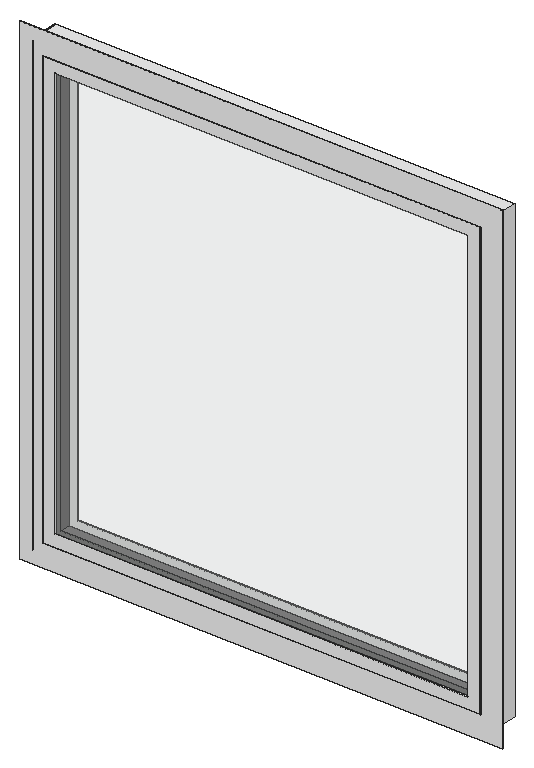
Revit family "Casement_38_E_Top_Hung_Custom", category Windows, host Wall, Revit 2014
Parameters (values of type "Casement_Sash_DG")
  Width Sash [instance] = 30 mm
  Width Sash Inner = 15 mm
  Width Bead = 15 mm
  Top Hung [instance] = yes
  Side Hung Right [instance] = yes
  Side Hung Left [instance] = yes
  Sash Opening Width [instance] = 600 mm
  Sash Opening Height [instance] = 600.312 mm
  Sash Lip = 15 mm
  Glazing Material [instance] = Glass
  DG Start Piece 2 [instance] = DG End Piece 1 + DG Gasket Thickness  # 25 mm
  DG Start Peice 1 [instance] = (Depth Sash - (2 * DG Glazing Thickness) - DG Gasket Thickness) / 2  # 6.6 mm
  Glazing Offset = 5 mm
  DG Glazing Thickness [instance] = 6.4 mm
  DG Gasket Thickness = 12 mm  # constant formula
  DG Gasket Material [instance] = Double Glazing Gasket Material
  DG End Piece 2 [instance] = DG Start Piece 2 + DG Glazing Thickness  # 31.4 mm
  DG End Piece 1 [instance] = DG Start Peice 1 + DG Glazing Thickness  # 13 mm
  Depth Sash [instance] = 38 mm
  Center Vertical Sash [instance] = Sash Opening Height / 2  # 300.156 mm
  Center Horizontal Sash [instance] = Sash Opening Width / 2  # 300 mm
  Bottom Hung [instance] = yes
  Bead Offset = 15 mm
  Aluminium Thickness = 1 mm
  Aluminium Material [instance] = White Powder Coated Aluminium
Reference planes
  plane 1 "Center (Front/Back)": y = 0
  plane 2: z = 0
  plane 3 "Center (Left/Right)": x = 0
Forms (mm)
  Sweep 1, solid, material "White Powder Coated Aluminium" <- "Aluminium Material"
    path origin (16.177, 0, 121.331) x (1, 0, 0) y (0, 0, 1)
      loop
        line (0, 0) -> (600, 0) -> (600, 600.312) -> (0, 600.312) -> (0, 0)
    profile origin (316.177, 0, 121.331) x (0, 0, 1) y (0, -1, 0)
      loop
        line (0, 0) -> (30, 0) -> (30, 1) -> (15, 1) -> (15, 38) -> (-15, 38) -> (-15, 37) -> (0, 37) -> (0, 0)
      loop
        line (14, 1) -> (14, 37) -> (1, 37) -> (1, 1) -> (14, 1)
  Sweep 2, solid, material "White Powder Coated Aluminium" <- "Aluminium Material"
    path origin (0, 0, 0) x (1, 0, 0) y (0, 0, 1)
      loop
        line (31.177, 706.643) -> (31.177, 136.331) -> (601.177, 136.331) -> (601.177, 706.643) -> (31.177, 706.643)
    profile origin (316.177, 0, 706.643) x (0, 0, 1) y (0, -1, 0)
      loop
        line (0, 37) -> (0, 38) -> (-15, 38) -> (-15, 37) -> (0, 37)
  Extrusion 3, solid, material "Glass" <- "Glazing Material"
    sketch origin (0, 0, 0) x (1, 0, 0) y (0, 0, 1)
      loop
        line (36.177, 701.643) -> (36.177, 141.331) -> (596.177, 141.331) -> (596.177, 701.643) -> (36.177, 701.643)
    from 6.6 <- "DG Start Peice 1" to 13 <- "DG End Piece 1"
  Extrusion 4, solid, material "Glass" <- "Glazing Material"
    sketch origin (0, 0, 0) x (1, 0, 0) y (0, 0, 1)
      loop
        line (36.177, 701.643) -> (36.177, 141.331) -> (596.177, 141.331) -> (596.177, 701.643) -> (36.177, 701.643)
    from 31.4 <- "DG End Piece 2" to 25 <- "DG Start Piece 2"
  Sweep 5, solid, material "Double Glazing Gasket Material" <- "DG Gasket Material"
    path origin (0, -13, 0) x (1, 0, 0) y (0, 0, 1)
      loop
        line (36.177, 701.643) -> (36.177, 141.331) -> (596.177, 141.331) -> (596.177, 701.643) -> (36.177, 701.643)
    profile origin (316.177, -13, 701.643) x (0, 0, 1) y (0, -1, 0)
      loop
        line (0, 0) -> (0, 12) -> (-7.96, 12) -> (-7.96, 0) -> (0, 0)
Lines and regions (mm)
  model lines
    curve 1: line (1.177, -38, 736.643) -> (31.177, -38, 706.643)
    curve 2: line (601.177, -38, 706.643) -> (631.177, -38, 736.643)
    curve 3: line (601.177, -38, 136.331) -> (631.177, -38, 106.331)
    curve 4: line (1.177, -38, 106.331) -> (31.177, -38, 136.331)
    curve 5: line (631.177, -37, 736.643) -> (616.177, -37, 721.643)
    curve 6: line (1.177, -37, 736.643) -> (16.177, -37, 721.643)
    curve 7: line (1.177, -37, 106.331) -> (16.177, -37, 121.331)
    curve 8: line (631.177, -37, 106.331) -> (616.177, -37, 121.331)
    curve 9: line (616.177, 0, 121.331) -> (586.177, 0, 151.331)
    curve 10: line (46.177, 0, 151.331) -> (16.177, 0, 121.331)
    curve 11: line (616.177, 0, 721.643) -> (586.177, 0, 691.643)
    curve 12: line (46.177, 0, 691.643) -> (16.177, 0, 721.643)
    curve 13: line (31.177, -38, 691.643) -> (46.177, -38, 691.643)
    curve 14: line (586.177, -38, 691.643) -> (601.177, -38, 691.643)
    curve 15: line (586.177, -38, 151.331) -> (601.177, -38, 151.331)
    curve 16: line (31.177, -38, 151.331) -> (46.177, -38, 151.331)
  model lines, style "GenericModelHiddenLines", visible <- "Top Hung"
    curve 17: line (46.386, -31.4, 690.914) -> (316.177, -31.4, 151.331)
    curve 18: line (316.177, -31.4, 151.331) -> (586.177, -31.4, 691.331)
  model lines, style "GenericModelHiddenLines", visible <- "Bottom Hung"
    curve 19: line (46.177, -31.4, 151.331) -> (316.177, -31.4, 691.331)
    curve 20: line (316.177, -31.4, 691.331) -> (586.177, -31.4, 151.331)
  model lines, style "GenericModelHiddenLines", visible <- "Side Hung Left"
    curve 21: line (46.386, -31.4, 690.914) -> (585.24, -31.4, 421.487)
    curve 22: line (585.24, -31.4, 421.487) -> (46.177, -31.4, 151.331)
  model lines, style "GenericModelHiddenLines", visible <- "Side Hung Right"
    curve 23: line (586.177, -31.4, 691.331) -> (46.177, -31.4, 421.487)
    curve 24: line (46.177, -31.4, 421.487) -> (586.177, -31.4, 151.331)
Dimensions and locks
  "Aluminium Thickness": Sweep 1 sketch curve to Sweep 1 sketch curve  (x4)
  "Depth Sash": Sweep 1 sketch curve to Sweep 1 sketch curve
  "Sash Opening Width": Sweep 1 to Sweep 1
  "Sash Opening Height": Sweep 1 to Sweep 1
  "Width Sash": Sweep 1 sketch curve to Sweep 1 sketch curve  (x2)
  "Width Sash Inner": Sweep 1 sketch curve to Sweep 1 sketch curve
  "Sash Lip": Sweep 1 sketch curve to Sweep 1 sketch curve
  "Aluminium Thickness": Sweep 1 to Sweep 2 sketch curve
  "Glazing Offset": Sweep 2 to Extrusion 3 sketch curve  (x3)
  "Glazing Offset": Extrusion 3 sketch curve to Sweep 2
  Sweep 1 to Sweep 1 = 1 mm
  "Aluminium Thickness": Sweep 2 sketch curve to Sweep 2 sketch curve
  "Width Bead": Sweep 2 sketch curve to Sweep 2 sketch curve
  locked: Sweep 5 sketch curve to Sweep 5 sketch curve at 7.96
  "Center Horizontal Sash": Sweep 1 to curve 18
  "Center Horizontal Sash": Sweep 1 to curve 20
  "Center Vertical Sash": Sweep 1 to curve 22
  "Center Vertical Sash": Sweep 1 to curve 24
  aligned and locked: level to plane 2
  aligned and locked: Sweep 1 sketch curve to Sweep 1 sketch curve  (x2)
  aligned and locked: Sweep 2 sketch curve to Sweep 1  (x5)
  aligned and locked: Extrusion 4 sketch curve to Extrusion 3  (x4)
  aligned and locked: Sweep 5 sketch curve to Extrusion 3  (x5)
  aligned and locked: Extrusion 3 to Sweep 5 sketch curve
Automatic sketch dimensions
  plane 3 "Center (Left/Right)" to Sweep 1 sketch curve = 16.177 mm
  level to Sweep 1 sketch curve = 121.331 mm
  plane 3 "Center (Left/Right)" to Sweep 1 sketch curve = 616.177 mm
  level to Sweep 1 sketch curve = 721.643 mm
  profile plane to Sweep 5 sketch curve = 12 mm
  curve 7 to Sweep 1 = 0 mm  (x4)
  curve 6 to Sweep 1 = 0 mm  (x3)
  Sweep 1 to curve 6 = 0 mm
  curve 5 to Sweep 1 = 0 mm  (x3)
  curve 8 to Sweep 1 = 0 mm  (x4)
  Sweep 1 to curve 5 = 0 mm
  curve 16 to Sweep 2 = 0 mm  (x3)
  curve 13 to Sweep 2 = 0 mm  (x3)
  curve 15 to Sweep 2 = 0 mm
  Sweep 2 to curve 15 = 0 mm  (x2)
  curve 14 to Sweep 2 = 0 mm  (x2)
  Sweep 2 to curve 14 = 0 mm
  curve 1 to Sweep 1 = 0 mm  (x4)
  curve 4 to Sweep 1 = 0 mm  (x3)
  Sweep 1 to curve 4 = 0 mm
  curve 3 to Sweep 1 = 0 mm  (x3)
  curve 2 to Sweep 1 = 0 mm  (x4)
  Sweep 1 to curve 3 = 0 mm
  curve 10 to Sweep 1 = 0 mm  (x4)
  curve 12 to Sweep 1 = 0 mm  (x3)
  Sweep 1 to curve 12 = 0 mm
  curve 9 to Sweep 1 = 0 mm  (x4)
  curve 11 to Sweep 1 = 0 mm  (x3)
  Sweep 1 to curve 11 = 0 mm
  Sweep 1 sketch curve to plane 1 "Center (Front/Back)" = 0 mm
  profile plane to Sweep 1 sketch curve = 0 mm
  curve 21 to Extrusion 4 = 10.208 mm
  curve 19 to Extrusion 4 = 10 mm
  curve 23 to Extrusion 4 = 10 mm  (x2)
  curve 22 to Extrusion 4 = 10.937 mm
  curve 20 to Extrusion 4 = 10 mm
  curve 24 to Extrusion 4 = 10 mm
  curve 22 to Extrusion 4 = 10 mm
  curve 18 to Extrusion 4 = 10 mm
  curve 21 to Extrusion 4 = 10.729 mm
  curve 19 to Extrusion 4 = 10.312 mm
  curve 18 to Extrusion 4 = 10.312 mm
